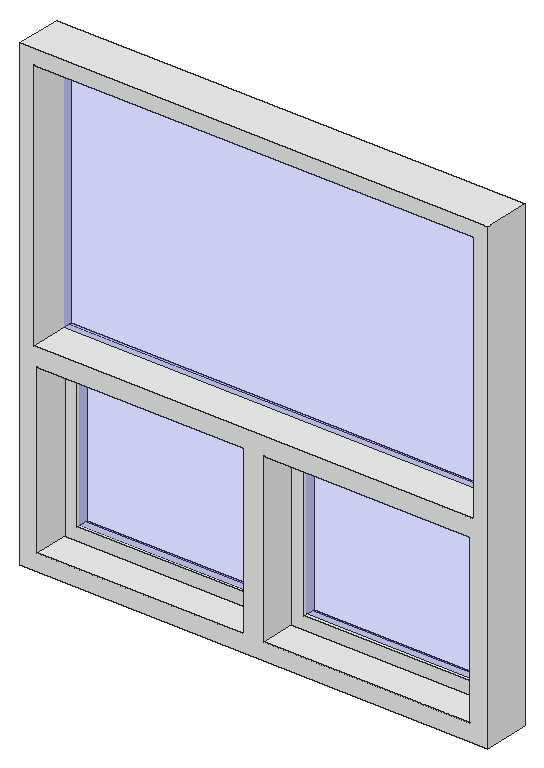
Revit family
Parameters (values of type "AW9-1")
  창 두께 = 150 mm
  창 패널 = AW9 창 패널
  창 프레임 = AW9 창 프레임
  Height = 1500 mm
  기본 씰 높이 = 1200 mm
  Wall Closure = (empty or 0)
  Width = 1500 mm
Types (6, lengths in mm): name | 창 패널 | 창 프레임 | Height | Width
  (no name) | AW9 창 패널 | AW9 창 프레임 | 1500 | 1500
  AW9 | AW9 창 패널 | AW9 창 프레임 | 1500 | 1500
  AW9-1 | AW9 창 패널 | AW9 창 프레임 | 1500 | 1500
  AW10 | AW10 창 패널 | AW10 창 프레임 | 1200 | 1500
  AW25-1 | AW25 창 패널 | AW25 창 프레임 | 1200 | 1450
  AW25 | AW25 창 패널 | AW25 창 프레임 | 1200 | 1865
Reference planes
  plane 1: y = 0
  plane 2 "중심(왼쪽/오른쪽)": x = 0
  plane 3 "왼쪽": x = -750
  plane 4 "오른쪽": x = 750
  plane 5 "씰": z = 1200
  plane 6 "헤드": z = 2700
  plane 7 "외부": y = 100
  plane 8 "내부": y = -100
  plane 9: y = 75
  plane 10: y = -75
  plane 11: y = 35
  plane 12: x = -705
  plane 13: x = 705
  plane 14: x = -695
  plane 15: x = 695
  plane 16: z = 1800
  plane 17: z = 1790
  plane 18: z = 1845
  plane 19: y = 55
  plane 20: y = 66
  plane 21: y = 44
  plane 22: y = -11
  plane 23: y = 11
  plane 24: x = -22.5
  plane 25: x = 22.5
  plane 26: x = -32.5
  plane 27: x = 32.5
Forms (mm)
  Sweep 1, solid, material "AW9 창 프레임" <- "창 프레임"
    path origin (-2000, 75, 1000) x (-1, 0, 0) y (0, 0, 1)
      loop
        line (-2705, 800) -> (-2705, 245) -> (-2022.5, 245) -> (-2022.5, 800) -> (-2705, 800)
    profile origin (705, 75, 1245) x (1, 0, 0) y (0, 1, 0)
      loop
        line (0, 0) -> (-50, 0) -> (-50, -40) -> (0, -40) -> (0, 0)
  Sweep 2, solid, material "AW9 창 프레임" <- "창 프레임"
    path origin (-2000, 75, 1000) x (-1, 0, 0) y (0, 0, 1)
      loop
        line (-2750, 800) -> (-2750, 200) -> (-1250, 200) -> (-1250, 800)
    profile origin (750, 75, 1500) x (0, 1, 0) y (-1, 0, 0)
      loop
        line (0, 0) -> (0, 45) -> (-40, 45) -> (-40, 55) -> (-150, 55) -> (-150, 0) -> (0, 0)
  Sweep 3, solid, material "AW9 창 프레임" <- "창 프레임"
    path origin (-2000, 75, 1000) x (-1, 0, 0) y (0, 0, 1)
      loop
        line (-2750, 800) -> (-2750, 1700) -> (-1250, 1700) -> (-1250, 800)
    profile origin (750, 75, 2250) x (1, 0, 0) y (0, 1, 0)
      loop
        line (-45, 0) -> (-45, -150) -> (0, -150) -> (0, 0) -> (-45, 0)
  Extrusion 4, solid, material "AW9 창 프레임" <- "창 프레임"
    sketch origin (705, -636.204, 1000) x (0, -1, 0) y (0, 0, 1)
      loop
        line (-711.204, 800) -> (-671.204, 800) -> (-671.204, 790) -> (-561.204, 790) -> (-561.204, 845) -> (-711.204, 845) -> (-711.204, 800)
    from 0 to 1410
  Extrusion 5, solid, material "AW9 창 패널" <- "창 패널"
    sketch origin (0, 0, 0) x (1, 0, 0) y (0, 1, 0)
      loop
        line (72.5, 66) -> (72.5, 44) -> (655, 44) -> (655, 66) -> (72.5, 66)
    from 1295 to 1750
  Extrusion 6, solid, material "AW9 창 패널" <- "창 패널"
    sketch origin (0, 0, 0) x (1, 0, 0) y (0, 1, 0)
      loop
        line (-705, 66) -> (-705, 44) -> (705, 44) -> (705, 66) -> (-705, 66)
    from 1845 to 2655
  Extrusion 7, solid, material "AW9 창 프레임" <- "창 프레임"
    sketch origin (0, 0, 0) x (1, 0, 0) y (0, 1, 0)
      loop
        line (-22.5, 75) -> (-22.5, 35) -> (-32.5, 35) -> (-32.5, -75) -> (32.5, -75) -> (32.5, 35) -> (22.5, 35) -> (22.5, 75) -> (-22.5, 75)
    from 1245 to 1800
  Sweep 8, solid, material "AW9 창 프레임" <- "창 프레임"
    path origin (-2000, 75, 1000) x (-1, 0, 0) y (0, 0, 1)
      loop
        line (-1977.5, 800) -> (-1977.5, 245) -> (-1295, 245) -> (-1295, 800) -> (-1977.5, 800)
    profile origin (-22.5, 75, 1245) x (1, 0, 0) y (0, 1, 0)
      loop
        line (0, 0) -> (-50, 0) -> (-50, -40) -> (0, -40) -> (0, 0)
  Extrusion 9, solid, material "AW9 창 패널" <- "창 패널"
    sketch origin (0, 0, 0) x (1, 0, 0) y (0, 1, 0)
      loop
        line (-655, 66) -> (-655, 44) -> (-72.5, 44) -> (-72.5, 66) -> (-655, 66)
    from 1295 to 1750
Cuts and joins
  joined: Sweep 2, Sweep 3, Extrusion 4, Extrusion 7
Lines and regions (mm)
  Opening 1
    outline origin (3500, -100, 0) x (1, 0, 0) y (0, 0, 1)
      loop
        line (-2750, 1200) -> (-2750, 2700) -> (-4250, 2700) -> (-4250, 1200) -> (-2750, 1200)
  symbolic lines, style "입면도 스윙"
    curve 1: line (705, 75, 1245) -> (363.75, 75, 1800)
    curve 2: line (363.75, 75, 1800) -> (22.5, 75, 1245)
    curve 3: line (22.5, 75, 1245) -> (-32.5, 75, 1245)
    curve 4: line (-22.5, 75, 1245) -> (-363.75, 75, 1800)
    curve 5: line (-363.75, 75, 1800) -> (-705, 75, 1245)
Text (mm)
  text "외부" at (-1963.203, 1332.353, 0), in view "참조 레벨"
  text "내부" at (-1981.466, -818.386, 0), in view "참조 레벨"
  text "외부" at (0, 923.751, 2943.296), in view "오른쪽"
  text "외부" at (0, 1040.484, 2685.409), in view "왼쪽"
Dimensions and locks
  equal spacing: plane 3 "왼쪽", plane 2 "중심(왼쪽/오른쪽)", plane 4 "오른쪽"
  "Width": plane 3 "왼쪽" to plane 4 "오른쪽"
  "Height": plane 5 "씰" to plane 6 "헤드"
  "기본 씰 높이": plane 5 "씰" to level
  locked: plane 7 "외부" to host wall at 0
  locked: plane 8 "내부" to host wall
  "창 두께": plane 9 to plane 10
  equal spacing: plane 9, host wall, plane 10
  locked: plane 5 "씰" to Sweep 1 sketch curve at 45
  Sweep 1 sketch curve to Sweep 1 sketch curve = 50 mm
  plane 17 to plane 16 to plane 18 = 10 mm locked, 45 mm locked
  plane 9 to plane 19 to plane 11 = 20 mm locked, 20 mm locked
  plane 20 to plane 19 to plane 21 = 11 mm locked, 11 mm locked
  plane 23 to host wall to plane 22 = 11 mm locked, 11 mm locked
  plane 3 "왼쪽" to plane 12 to plane 14 = 45 mm locked, 10 mm locked
  plane 15 to plane 13 to plane 4 "오른쪽" = 10 mm locked, 45 mm locked
  plane 24 to plane 2 "중심(왼쪽/오른쪽)" to plane 25 = 22.5 mm locked, 22.5 mm locked
  locked: plane 26 to plane 24 at 10
  locked: plane 25 to plane 27 at 10
  locked: plane 5 "씰" to plane 16 at 600
  locked: Sweep 8 sketch curve to cut or joined group of Sweep 2, Sweep 3, Extrusion 4, Extrusion 7 at 50
  aligned and locked: plane 13 to Sweep 1 sketch curve
  aligned and locked: plane 16 to Sweep 1 sketch curve
  aligned and locked: profile plane to Sweep 1 sketch curve  (x2)
  aligned and locked: plane 11 to Sweep 1 sketch curve
  aligned and locked: Sweep 3 sketch curve to profile plane
  aligned and locked: plane 10 to Sweep 3 sketch curve
  aligned and locked: profile plane to Sweep 3 sketch curve
  aligned and locked: Sweep 3 sketch curve to plane 13
  aligned and locked: Sweep 2 to Extrusion 4 sketch curve  (x2)
  aligned and locked: Extrusion 4 sketch curve to plane 18
  aligned and locked: plane 16 to Extrusion 4 sketch curve
  aligned and locked: plane 17 to Extrusion 4 sketch curve
  aligned and locked: Extrusion 4 sketch curve to Sweep 2
  aligned and locked: Sweep 1 to Extrusion 5 sketch curve  (x2)
  aligned and locked: Extrusion 5 sketch curve to plane 20
  aligned and locked: plane 21 to Extrusion 5 sketch curve
  aligned and locked: Extrusion 5 to Sweep 1  (x2)
  aligned and locked: Extrusion 6 to cut or joined group of Sweep 2, Sweep 3, Extrusion 4, Extrusion 7
  aligned and locked: plane 18 to Extrusion 6
  aligned and locked: plane 12 to Extrusion 6 sketch curve
  aligned and locked: Extrusion 6 sketch curve to plane 20
  aligned and locked: plane 21 to Extrusion 6 sketch curve
  aligned and locked: plane 13 to Extrusion 6 sketch curve
  aligned and locked: plane 12 to Extrusion 4
  aligned and locked: Extrusion 7 sketch curve to Sweep 1
  aligned and locked: Extrusion 7 sketch curve to plane 25
  aligned and locked: Extrusion 7 sketch curve to plane 27
  aligned and locked: plane 24 to Extrusion 7 sketch curve
  aligned and locked: plane 26 to Extrusion 7 sketch curve
  aligned and locked: plane 10 to Extrusion 7 sketch curve
  aligned and locked: Extrusion 7 to plane 16
  aligned and locked: Sweep 1 to Extrusion 7
  aligned and locked: Sweep 8 sketch curve to cut or joined group of Sweep 2, Sweep 3, Extrusion 4, Extrusion 7  (x2)
  aligned and locked: cut or joined group of Sweep 2, Sweep 3, Extrusion 4, Extrusion 7 to Sweep 8 sketch curve  (x2)
  aligned and locked: Sweep 8 to Extrusion 9 sketch curve  (x2)
  aligned and locked: Extrusion 9 sketch curve to plane 20
  aligned and locked: plane 21 to Extrusion 9 sketch curve
  aligned and locked: Extrusion 9 to Sweep 1
  aligned and locked: Sweep 1 to Extrusion 9
  aligned and locked: Extrusion 9 to Sweep 8
  aligned and locked: plane 6 "헤드" to Sweep 3 sketch curve
Automatic sketch dimensions
  Opening 1 sketch curve to plane 3 "왼쪽" = 0 mm
  Opening 1 sketch curve to plane 4 "오른쪽" = 0 mm
  Opening 1 sketch curve to plane 5 "씰" = 0 mm
  Opening 1 sketch curve to plane 6 "헤드" = 0 mm
  Sweep 2 sketch curve to plane 4 "오른쪽" = 0 mm
  Sweep 2 sketch curve to plane 3 "왼쪽" = 0 mm
  Sweep 2 sketch curve to plane 5 "씰" = 0 mm
  Sweep 2 sketch curve to plane 16 = 0 mm  (x2)
  Sweep 2 sketch curve to profile plane = 0 mm
  Sweep 2 sketch curve to plane 9 = 0 mm
  Sweep 2 sketch curve to plane 9 = 40 mm
  Sweep 2 sketch curve to Sweep 2 sketch curve = 110 mm
  Sweep 2 sketch curve to Sweep 2 sketch curve = 45 mm
  Sweep 2 sketch curve to profile plane = 55 mm
  Extrusion 7 sketch curve to plane 11 = 0 mm  (x2)
  Sweep 1 sketch curve to plane 25 = 0 mm
  Sweep 8 sketch curve to plane 9 = 0 mm
  Sweep 8 sketch curve to profile plane = 0 mm
  Sweep 8 sketch curve to Sweep 8 sketch curve = 40 mm
  curve 1 to plane 13 = 0 mm
  curve 2 to plane 16 = 0 mm
  curve 3 to plane 25 = 0 mm
  curve 4 to plane 24 = 0 mm
  curve 3 to plane 26 = 0 mm
  curve 5 to plane 16 = 0 mm
  curve 5 to plane 12 = 0 mm
  plane 15 to curve 2 = 331.25 mm
  curve 5 to plane 14 = 331.25 mm
  curve 5 to plane 5 "씰" = 45 mm
  curve 3 to plane 5 "씰" = 45 mm
  curve 1 to plane 5 "씰" = 45 mm
  Sweep 3 sketch curve to plane 4 "오른쪽" = 0 mm
  Sweep 3 sketch curve to plane 3 "왼쪽" = 0 mm
  Sweep 3 sketch curve to plane 16 = 0 mm  (x2)
